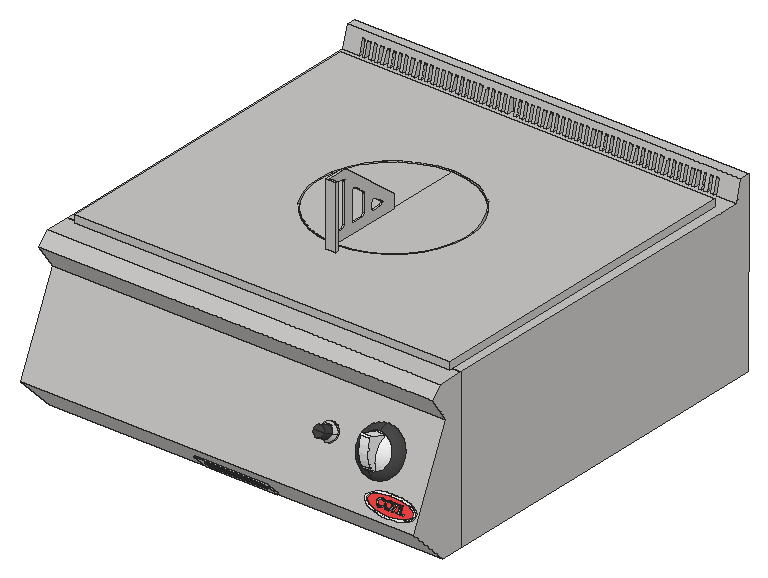
Revit family "QF_COZIL_FFCP-70N", category Equipamento especial, Revit 2020 (continued)
Nested families
  nested 3: "PE DE APOIO" at (655, -595, 0), type "PE DE APOIO"
    with Weight 0.00 kg, Watts 0 W, Waste Water Discharge Temperature -273.15 °C, Waste Remarks "", Warranty Start Date "", Warranty Duration "", Volts 0 V, Volt Free Conn yes, Ventilation Remarks "", URL Recommended Spares List "", URL Manufacturer "", URL Cutsheet "", URL Critical Spares List "", Technical Documentation "", Tag Number "", Steam type "", Steam Supply Volume 0.0 m³/h, Steam Supply Size 0 mm, Steam Supply RI Height 0.00 mm, Steam Supply Minimum Pressure 0.0 bar, Steam Supply Maximum Pressure 0.0 bar, Steam Supply Connection Height 0.00 mm, Steam Remarks "", Steam Pounds per Hour 0, Status "", Start Up Current 0 A, Specification by User "", Specification by Manufacturer "", Sound Level "", Solid Fuel Type "", Show Logo yes, Show Clearances yes, Service Life Duration "", Serial Number "", Sensible Heat Output 0 W, Seismic Rating "", SMACNA No "", Revision Code "", Revision "", Refrigeration Working Pressure 0.0 bar, Refrigeration Suction Line Size 0 mm, Refrigeration Liquid Line Size 0 mm, Refrigeration Evaporation Temperature -273.15 °C, Refrigeration Energy Efficiency Index "", Refrigeration Defrost Drain yes, Refrigeration Climate Class "", Refrigerant Type "", Refrigerant Mass 0, Refrigerant Flow 0.0 m³/h, Refrigerant Compressor Remote yes, Production Year "", Preheated Hot Water Temperature Recommended -273.15 °C, Preheated Hot Water Size 0 mm, Preheated Hot Water RI Height 0.00 mm, Preheated Hot Water Quality "", Preheated Hot Water Minimum Pressure 0.0 bar, Preheated Hot Water Maximum Pressure 0.0 bar, Preheated Hot Water Flow 0.0 m³/h, Preheated Hot Water Connection Height 0.00 mm, Potential Equalisation yes, Point Load 0, Plumbing Remarks "", Plumbing Connection Type "", Phase 0, Other Equipment Approvals "", Operational Current 0 A, Odor Trap Included yes, Number of Poles 1, No Load Power Draw yes, National Water Regulation Certification yes, NAFEM Spec ID Number "", Model Warning "", Min Ckt Ampacity 0 A, Mechanical Remarks "", Mechanical Connection Type "", Max Overcurrent Protection 0 A, Masterspec "", Main switch integrated yes, MU Air Volume 0.0 L/s, MU Air Vent Width 0.00 mm, MU Air Vent Diameter 0.00 mm, MU Air Vent Depth 0.00 mm, MU Air Static Press 0.0 Pa, MU Air Speed at Spigot 0.0 L/s, MU Air RI Height 0.00 mm, Length Actual 0.00 mm, Latent Heat Output 0 W, Item Number "", Installed By "", Installation Date "", Ingress Protection Code "", Indirect Waste Size 0 mm, Indirect Waste Flow 0.0 m³/h, Indirect Waste Connection Type "", Indirect Waste Connection Height 0.00 mm, Identify Quantity as Lot yes, ID "", Hygiene Approval "", Hot Water Temperature -273.15 °C, Hot Water Supply Temperature -273.15 °C, Hot Water Size 0 mm, Hot Water RI Height 0.00 mm, Hot Water Quality "", Hot Water Minimum Pressure 0.0 bar, Hot Water Maximum Pressure 0.0 bar, Hot Water Flow 0.0 m³/h, Hot Water Consumption "", Hot Water Connection Height 0.00 mm, Height Actual 0.00 mm, HP "", Gas Size Flexible 0 mm, Gas Size Fixed 0 mm, Gas Size 0 mm, Gas RI Height 0.00 mm, Gas Input 0 W, Gas Flow 0.0 m³/h, Gas Connection Height 0.00 mm, Furnished By "", Fuel Type "", Foodservice Equipment Identifier yes, Flue Type "", Filtered Treated Water Supply Size 0 mm, Filtered Treated Water Recommended Temperature -273.15 °C, Filtered Treated Water RI Height 0.00 mm, Filtered Treated Water Quality "", Filtered Treated Water Minimum Pressure 0.0 bar, Filtered Treated Water Maximum Pressure 0.0 bar, Filtered Treated Water Flow 0.0 m³/h, Filtered Treated Water Consumption "", Filtered Treated Water Connection Height 0.00 mm, FL Amps 0 A, Exhaust Volume 0.0 L/s, Exhaust Vent Width 0.00 mm, Exhaust Vent Height 0.00 mm, Exhaust Vent Diameter 0.00 mm, Exhaust Vent Depth 0.00 mm, Exhaust Static Press 0.0 Pa, Exhaust Speed at Spigot 0.0 L/s, Exhaust RI Height 0.00 mm, Exhaust Air Temperature -273.15 °C, Exhaust Air Humidity 0, Energy Efficiency Labelling "", Electrical Remarks "", Electric Connection Type "", Elec Conn RI Height 0.00 mm, Elec Conn Connection Height 0.00 mm, Earth Leakage Switch necessary yes, Earth Leakage Switch Type "", ETL Approved yes, Direct Waste Size 0 mm, Direct Waste RI Height 0.00 mm, Direct Waste Flow 0.0 m³/h, Direct Waste Connection Height 0.00 mm, Direct Heat Output 0 W, Digital Connectivity Description "", Depth Actual 0.00 mm, Cycle 0 Hz, Connection to energy optimisation system yes, Conn Plug "", Conn Conduit yes, Condensate Return Size 0 mm, Condensate Return RI Height 0.00 mm, Condensate Return Connection Height 0.00 mm, Compressed Air Volume 0.0 m³/h, Compressed Air Size 0 mm, Compressed Air RI Height 0.00 mm, Compressed Air Quality "", Compressed Air Pressure 0.0 bar, Compressed Air Connection Height 0.00 mm, Cold Water Temperature Recommended -273.15 °C, Cold Water Size 0 mm, Cold Water RI Height 0.00 mm, Cold Water Quality "", Cold Water Minimum Pressure 0.0 bar, Cold Water Maximum Pressure 0.0 bar, Cold Water Flow 0.0 m³/h, Cold Water Consumption "", Cold Water Connection Height 0.00 mm, Chilled Water Temperature -273.15 °C, Chilled Water Supply Size 0 mm, Chilled Water Supply RI Height 0.00 mm, Chilled Water Supply Quality "", Chilled Water Supply Maximum Temperature -273.15 °C, Chilled Water Supply Connection Height 0.00 mm, Chilled Water Return Size 0 mm, Chilled Water Return RI Height 0.00 mm, Chilled Water Return Minimum Pressure 0.0 bar, Chilled Water Return Maximum Pressure 0.0 bar, Chilled Water Return Connection Height 0.00 mm, Chilled Water Minimum Pressure 0.0 bar, Chilled Water Maximum Pressure 0.0 bar, Chilled Water Flow 0.0 m³/h, CSI MasterFormat "", CO2 Volume 0.0 m³/h, CO2 Size 0 mm, CO2 RI Height 0.00 mm, CO2 Pressure 0.0 bar, CO2 Connection Height 0.00 mm, CE Approved yes, Barcode "", BTUH 0 W, Author "", Asset Identifier "", Apparent Power 0 VA, Accessory yes, Ability for Digital Connectivity yes
  nested 4: "PE DE APOIO" at (45, -595, 0), type "PE DE APOIO"
    with Weight 0.00 kg, Watts 0 W, Waste Water Discharge Temperature -273.15 °C, Waste Remarks "", Warranty Start Date "", Warranty Duration "", Volts 0 V, Volt Free Conn yes, Ventilation Remarks "", URL Recommended Spares List "", URL Manufacturer "", URL Cutsheet "", URL Critical Spares List "", Technical Documentation "", Tag Number "", Steam type "", Steam Supply Volume 0.0 m³/h, Steam Supply Size 0 mm, Steam Supply RI Height 0.00 mm, Steam Supply Minimum Pressure 0.0 bar, Steam Supply Maximum Pressure 0.0 bar, Steam Supply Connection Height 0.00 mm, Steam Remarks "", Steam Pounds per Hour 0, Status "", Start Up Current 0 A, Specification by User "", Specification by Manufacturer "", Sound Level "", Solid Fuel Type "", Show Logo yes, Show Clearances yes, Service Life Duration "", Serial Number "", Sensible Heat Output 0 W, Seismic Rating "", SMACNA No "", Revision Code "", Revision "", Refrigeration Working Pressure 0.0 bar, Refrigeration Suction Line Size 0 mm, Refrigeration Liquid Line Size 0 mm, Refrigeration Evaporation Temperature -273.15 °C, Refrigeration Energy Efficiency Index "", Refrigeration Defrost Drain yes, Refrigeration Climate Class "", Refrigerant Type "", Refrigerant Mass 0, Refrigerant Flow 0.0 m³/h, Refrigerant Compressor Remote yes, Production Year "", Preheated Hot Water Temperature Recommended -273.15 °C, Preheated Hot Water Size 0 mm, Preheated Hot Water RI Height 0.00 mm, Preheated Hot Water Quality "", Preheated Hot Water Minimum Pressure 0.0 bar, Preheated Hot Water Maximum Pressure 0.0 bar, Preheated Hot Water Flow 0.0 m³/h, Preheated Hot Water Connection Height 0.00 mm, Potential Equalisation yes, Point Load 0, Plumbing Remarks "", Plumbing Connection Type "", Phase 0, Other Equipment Approvals "", Operational Current 0 A, Odor Trap Included yes, Number of Poles 1, No Load Power Draw yes, National Water Regulation Certification yes, NAFEM Spec ID Number "", Model Warning "", Min Ckt Ampacity 0 A, Mechanical Remarks "", Mechanical Connection Type "", Max Overcurrent Protection 0 A, Masterspec "", Main switch integrated yes, MU Air Volume 0.0 L/s, MU Air Vent Width 0.00 mm, MU Air Vent Diameter 0.00 mm, MU Air Vent Depth 0.00 mm, MU Air Static Press 0.0 Pa, MU Air Speed at Spigot 0.0 L/s, MU Air RI Height 0.00 mm, Length Actual 0.00 mm, Latent Heat Output 0 W, Item Number "", Installed By "", Installation Date "", Ingress Protection Code "", Indirect Waste Size 0 mm, Indirect Waste Flow 0.0 m³/h, Indirect Waste Connection Type "", Indirect Waste Connection Height 0.00 mm, Identify Quantity as Lot yes, ID "", Hygiene Approval "", Hot Water Temperature -273.15 °C, Hot Water Supply Temperature -273.15 °C, Hot Water Size 0 mm, Hot Water RI Height 0.00 mm, Hot Water Quality "", Hot Water Minimum Pressure 0.0 bar, Hot Water Maximum Pressure 0.0 bar, Hot Water Flow 0.0 m³/h, Hot Water Consumption "", Hot Water Connection Height 0.00 mm, Height Actual 0.00 mm, HP "", Gas Size Flexible 0 mm, Gas Size Fixed 0 mm, Gas Size 0 mm, Gas RI Height 0.00 mm, Gas Input 0 W, Gas Flow 0.0 m³/h, Gas Connection Height 0.00 mm, Furnished By "", Fuel Type "", Foodservice Equipment Identifier yes, Flue Type "", Filtered Treated Water Supply Size 0 mm, Filtered Treated Water Recommended Temperature -273.15 °C, Filtered Treated Water RI Height 0.00 mm, Filtered Treated Water Quality "", Filtered Treated Water Minimum Pressure 0.0 bar, Filtered Treated Water Maximum Pressure 0.0 bar, Filtered Treated Water Flow 0.0 m³/h, Filtered Treated Water Consumption "", Filtered Treated Water Connection Height 0.00 mm, FL Amps 0 A, Exhaust Volume 0.0 L/s, Exhaust Vent Width 0.00 mm, Exhaust Vent Height 0.00 mm, Exhaust Vent Diameter 0.00 mm, Exhaust Vent Depth 0.00 mm, Exhaust Static Press 0.0 Pa, Exhaust Speed at Spigot 0.0 L/s, Exhaust RI Height 0.00 mm, Exhaust Air Temperature -273.15 °C, Exhaust Air Humidity 0, Energy Efficiency Labelling "", Electrical Remarks "", Electric Connection Type "", Elec Conn RI Height 0.00 mm, Elec Conn Connection Height 0.00 mm, Earth Leakage Switch necessary yes, Earth Leakage Switch Type "", ETL Approved yes, Direct Waste Size 0 mm, Direct Waste RI Height 0.00 mm, Direct Waste Flow 0.0 m³/h, Direct Waste Connection Height 0.00 mm, Direct Heat Output 0 W, Digital Connectivity Description "", Depth Actual 0.00 mm, Cycle 0 Hz, Connection to energy optimisation system yes, Conn Plug "", Conn Conduit yes, Condensate Return Size 0 mm, Condensate Return RI Height 0.00 mm, Condensate Return Connection Height 0.00 mm, Compressed Air Volume 0.0 m³/h, Compressed Air Size 0 mm, Compressed Air RI Height 0.00 mm, Compressed Air Quality "", Compressed Air Pressure 0.0 bar, Compressed Air Connection Height 0.00 mm, Cold Water Temperature Recommended -273.15 °C, Cold Water Size 0 mm, Cold Water RI Height 0.00 mm, Cold Water Quality "", Cold Water Minimum Pressure 0.0 bar, Cold Water Maximum Pressure 0.0 bar, Cold Water Flow 0.0 m³/h, Cold Water Consumption "", Cold Water Connection Height 0.00 mm, Chilled Water Temperature -273.15 °C, Chilled Water Supply Size 0 mm, Chilled Water Supply RI Height 0.00 mm, Chilled Water Supply Quality "", Chilled Water Supply Maximum Temperature -273.15 °C, Chilled Water Supply Connection Height 0.00 mm, Chilled Water Return Size 0 mm, Chilled Water Return RI Height 0.00 mm, Chilled Water Return Minimum Pressure 0.0 bar, Chilled Water Return Maximum Pressure 0.0 bar, Chilled Water Return Connection Height 0.00 mm, Chilled Water Minimum Pressure 0.0 bar, Chilled Water Maximum Pressure 0.0 bar, Chilled Water Flow 0.0 m³/h, CSI MasterFormat "", CO2 Volume 0.0 m³/h, CO2 Size 0 mm, CO2 RI Height 0.00 mm, CO2 Pressure 0.0 bar, CO2 Connection Height 0.00 mm, CE Approved yes, Barcode "", BTUH 0 W, Author "", Asset Identifier "", Apparent Power 0 VA, Accessory yes, Ability for Digital Connectivity yes
  nested 5: "CHAPA FOGAO FRANCES" at (350, -351.564, 300), type "CHAPA FOGAO FRANCES"
    with Weight 0.00 kg, Watts 0 W, Waste Water Discharge Temperature -273.15 °C, Waste Remarks "", Warranty Start Date "", Warranty Duration "", Volts 0 V, Volt Free Conn yes, Ventilation Remarks "", URL Recommended Spares List "", URL Manufacturer "", URL Cutsheet "", URL Critical Spares List "", Technical Documentation "", Tag Number "", Steam type "", Steam Supply Volume 0.0 m³/h, Steam Supply Size 0 mm, Steam Supply RI Height 0.00 mm, Steam Supply Minimum Pressure 0.0 bar, Steam Supply Maximum Pressure 0.0 bar, Steam Supply Connection Height 0.00 mm, Steam Remarks "", Steam Pounds per Hour 0, Status "", Start Up Current 0 A, Specification by User "", Specification by Manufacturer "", Sound Level "", Solid Fuel Type "", Show Logo yes, Show Clearances yes, Service Life Duration "", Serial Number "", Sensible Heat Output 0 W, Seismic Rating "", SMACNA No "", Revision Code "", Revision "", Refrigeration Working Pressure 0.0 bar, Refrigeration Suction Line Size 0 mm, Refrigeration Liquid Line Size 0 mm, Refrigeration Evaporation Temperature -273.15 °C, Refrigeration Energy Efficiency Index "", Refrigeration Defrost Drain yes, Refrigeration Climate Class "", Refrigerant Type "", Refrigerant Mass 0, Refrigerant Flow 0.0 m³/h, Refrigerant Compressor Remote yes, Production Year "", Preheated Hot Water Temperature Recommended -273.15 °C, Preheated Hot Water Size 0 mm, Preheated Hot Water RI Height 0.00 mm, Preheated Hot Water Quality "", Preheated Hot Water Minimum Pressure 0.0 bar, Preheated Hot Water Maximum Pressure 0.0 bar, Preheated Hot Water Flow 0.0 m³/h, Preheated Hot Water Connection Height 0.00 mm, Potential Equalisation yes, Point Load 0, Plumbing Remarks "", Plumbing Connection Type "", Phase 0, Other Equipment Approvals "", Operational Current 0 A, Odor Trap Included yes, Number of Poles 1, No Load Power Draw yes, National Water Regulation Certification yes, NAFEM Spec ID Number "", Model Warning "", Min Ckt Ampacity 0 A, Mechanical Remarks "", Mechanical Connection Type "", Max Overcurrent Protection 0 A, Masterspec "", Main switch integrated yes, MU Air Volume 0.0 L/s, MU Air Vent Width 0.00 mm, MU Air Vent Diameter 0.00 mm, MU Air Vent Depth 0.00 mm, MU Air Static Press 0.0 Pa, MU Air Speed at Spigot 0.0 L/s, MU Air RI Height 0.00 mm, Length Actual 0.00 mm, Latent Heat Output 0 W, Item Number "", Installed By "", Installation Date "", Ingress Protection Code "", Indirect Waste Size 0 mm, Indirect Waste Flow 0.0 m³/h, Indirect Waste Connection Type "", Indirect Waste Connection Height 0.00 mm, Identify Quantity as Lot yes, ID "", Hygiene Approval "", Hot Water Temperature -273.15 °C, Hot Water Supply Temperature -273.15 °C, Hot Water Size 0 mm, Hot Water RI Height 0.00 mm, Hot Water Quality "", Hot Water Minimum Pressure 0.0 bar, Hot Water Maximum Pressure 0.0 bar, Hot Water Flow 0.0 m³/h, Hot Water Consumption "", Hot Water Connection Height 0.00 mm, Height Actual 0.00 mm, HP "", Gas Size Flexible 0 mm, Gas Size Fixed 0 mm, Gas Size 0 mm, Gas RI Height 0.00 mm, Gas Input 0 W, Gas Flow 0.0 m³/h, Gas Connection Height 0.00 mm, Furnished By "", Fuel Type "", Foodservice Equipment Identifier yes, Flue Type "", Filtered Treated Water Supply Size 0 mm, Filtered Treated Water Recommended Temperature -273.15 °C, Filtered Treated Water RI Height 0.00 mm, Filtered Treated Water Quality "", Filtered Treated Water Minimum Pressure 0.0 bar, Filtered Treated Water Maximum Pressure 0.0 bar, Filtered Treated Water Flow 0.0 m³/h, Filtered Treated Water Consumption "", Filtered Treated Water Connection Height 0.00 mm, FL Amps 0 A, Exhaust Volume 0.0 L/s, Exhaust Vent Width 0.00 mm, Exhaust Vent Height 0.00 mm, Exhaust Vent Diameter 0.00 mm, Exhaust Vent Depth 0.00 mm, Exhaust Static Press 0.0 Pa, Exhaust Speed at Spigot 0.0 L/s, Exhaust RI Height 0.00 mm, Exhaust Air Temperature -273.15 °C, Exhaust Air Humidity 0, Energy Efficiency Labelling "", Electrical Remarks "", Electric Connection Type "", Elec Conn RI Height 0.00 mm, Elec Conn Connection Height 0.00 mm, Earth Leakage Switch necessary yes, Earth Leakage Switch Type "", ETL Approved yes, Direct Waste Size 0 mm, Direct Waste RI Height 0.00 mm, Direct Waste Flow 0.0 m³/h, Direct Waste Connection Height 0.00 mm, Direct Heat Output 0 W, Digital Connectivity Description "", Depth Actual 0.00 mm, Cycle 0 Hz, Connection to energy optimisation system yes, Conn Plug "", Conn Conduit yes, Condensate Return Size 0 mm, Condensate Return RI Height 0.00 mm, Condensate Return Connection Height 0.00 mm, Compressed Air Volume 0.0 m³/h, Compressed Air Size 0 mm, Compressed Air RI Height 0.00 mm, Compressed Air Quality "", Compressed Air Pressure 0.0 bar, Compressed Air Connection Height 0.00 mm, Cold Water Temperature Recommended -273.15 °C, Cold Water Size 0 mm, Cold Water RI Height 0.00 mm, Cold Water Quality "", Cold Water Minimum Pressure 0.0 bar, Cold Water Maximum Pressure 0.0 bar, Cold Water Flow 0.0 m³/h, Cold Water Consumption "", Cold Water Connection Height 0.00 mm, Chilled Water Temperature -273.15 °C, Chilled Water Supply Size 0 mm, Chilled Water Supply RI Height 0.00 mm, Chilled Water Supply Quality "", Chilled Water Supply Maximum Temperature -273.15 °C, Chilled Water Supply Connection Height 0.00 mm, Chilled Water Return Size 0 mm, Chilled Water Return RI Height 0.00 mm, Chilled Water Return Minimum Pressure 0.0 bar, Chilled Water Return Maximum Pressure 0.0 bar, Chilled Water Return Connection Height 0.00 mm, Chilled Water Minimum Pressure 0.0 bar, Chilled Water Maximum Pressure 0.0 bar, Chilled Water Flow 0.0 m³/h, CSI MasterFormat "", CO2 Volume 0.0 m³/h, CO2 Size 0 mm, CO2 RI Height 0.00 mm, CO2 Pressure 0.0 bar, CO2 Connection Height 0.00 mm, CE Approved yes, Barcode "", BTUH 0 W, Author "", Asset Identifier "", Apparent Power 0 VA, Accessory yes, Ability for Digital Connectivity yes
  nested 6: "Botão Fogão" at (609.376, -703.248, 170.249) x (0, -0.4226, -0.9063) z (0, -0.9063, 0.4226), type "Botão Fogão"
    with Weight 0.00 kg, Watts 0 W, Waste Water Discharge Temperature -273.15 °C, Waste Remarks "", Warranty Start Date "", Warranty Duration "", Volts 0 V, Volt Free Conn yes, Ventilation Remarks "", URL Recommended Spares List "", URL Manufacturer "", URL Cutsheet "", URL Critical Spares List "", Technical Documentation "", Tag Number "", Steam type "", Steam Supply Volume 0.0 m³/h, Steam Supply Size 0 mm, Steam Supply RI Height 0.00 mm, Steam Supply Minimum Pressure 0.0 bar, Steam Supply Maximum Pressure 0.0 bar, Steam Supply Connection Height 0.00 mm, Steam Remarks "", Steam Pounds per Hour 0, Status "", Start Up Current 0 A, Specification by User "", Specification by Manufacturer "", Sound Level "", Solid Fuel Type "", Show Logo yes, Show Clearances yes, Service Life Duration "", Serial Number "", Sensible Heat Output 0 W, Seismic Rating "", SMACNA No "", Revision Code "", Revision "", Refrigeration Working Pressure 0.0 bar, Refrigeration Suction Line Size 0 mm, Refrigeration Liquid Line Size 0 mm, Refrigeration Evaporation Temperature -273.15 °C, Refrigeration Energy Efficiency Index "", Refrigeration Defrost Drain yes, Refrigeration Climate Class "", Refrigerant Type "", Refrigerant Mass 0, Refrigerant Flow 0.0 m³/h, Refrigerant Compressor Remote yes, Production Year "", Preheated Hot Water Temperature Recommended -273.15 °C, Preheated Hot Water Size 0 mm, Preheated Hot Water RI Height 0.00 mm, Preheated Hot Water Quality "", Preheated Hot Water Minimum Pressure 0.0 bar, Preheated Hot Water Maximum Pressure 0.0 bar, Preheated Hot Water Flow 0.0 m³/h, Preheated Hot Water Connection Height 0.00 mm, Potential Equalisation yes, Point Load 0, Plumbing Remarks "", Plumbing Connection Type "", Phase 0, Other Equipment Approvals "", Operational Current 0 A, Odor Trap Included yes, Number of Poles 1, No Load Power Draw yes, National Water Regulation Certification yes, NAFEM Spec ID Number "", Model Warning "", Min Ckt Ampacity 0 A, Mechanical Remarks "", Mechanical Connection Type "", Max Overcurrent Protection 0 A, Masterspec "", Main switch integrated yes, MU Air Volume 0.0 L/s, MU Air Vent Width 0.00 mm, MU Air Vent Diameter 0.00 mm, MU Air Vent Depth 0.00 mm, MU Air Static Press 0.0 Pa, MU Air Speed at Spigot 0.0 L/s, MU Air RI Height 0.00 mm, Length Actual 0.00 mm, Latent Heat Output 0 W, Item Number "", Installed By "", Installation Date "", Ingress Protection Code "", Indirect Waste Size 0 mm, Indirect Waste Flow 0.0 m³/h, Indirect Waste Connection Type "", Indirect Waste Connection Height 0.00 mm, Identify Quantity as Lot yes, ID "", Hygiene Approval "", Hot Water Temperature -273.15 °C, Hot Water Supply Temperature -273.15 °C, Hot Water Size 0 mm, Hot Water RI Height 0.00 mm, Hot Water Quality "", Hot Water Minimum Pressure 0.0 bar, Hot Water Maximum Pressure 0.0 bar, Hot Water Flow 0.0 m³/h, Hot Water Consumption "", Hot Water Connection Height 0.00 mm, Height Actual 0.00 mm, HP "", Gas Size Flexible 0 mm, Gas Size Fixed 0 mm, Gas Size 0 mm, Gas RI Height 0.00 mm, Gas Input 0 W, Gas Flow 0.0 m³/h, Gas Connection Height 0.00 mm, Furnished By "", Fuel Type "", Foodservice Equipment Identifier yes, Flue Type "", Filtered Treated Water Supply Size 0 mm, Filtered Treated Water Recommended Temperature -273.15 °C, Filtered Treated Water RI Height 0.00 mm, Filtered Treated Water Quality "", Filtered Treated Water Minimum Pressure 0.0 bar, Filtered Treated Water Maximum Pressure 0.0 bar, Filtered Treated Water Flow 0.0 m³/h, Filtered Treated Water Consumption "", Filtered Treated Water Connection Height 0.00 mm, FL Amps 0 A, Exhaust Volume 0.0 L/s, Exhaust Vent Width 0.00 mm, Exhaust Vent Height 0.00 mm, Exhaust Vent Diameter 0.00 mm, Exhaust Vent Depth 0.00 mm, Exhaust Static Press 0.0 Pa, Exhaust Speed at Spigot 0.0 L/s, Exhaust RI Height 0.00 mm, Exhaust Air Temperature -273.15 °C, Exhaust Air Humidity 0, Energy Efficiency Labelling "", Electrical Remarks "", Electric Connection Type "", Elec Conn RI Height 0.00 mm, Elec Conn Connection Height 0.00 mm, Earth Leakage Switch necessary yes, Earth Leakage Switch Type "", ETL Approved yes, Direct Waste Size 0 mm, Direct Waste RI Height 0.00 mm, Direct Waste Flow 0.0 m³/h, Direct Waste Connection Height 0.00 mm, Direct Heat Output 0 W, Digital Connectivity Description "", Depth Actual 0.00 mm, Cycle 0 Hz, Connection to energy optimisation system yes, Conn Plug "", Conn Conduit yes, Condensate Return Size 0 mm, Condensate Return RI Height 0.00 mm, Condensate Return Connection Height 0.00 mm, Compressed Air Volume 0.0 m³/h, Compressed Air Size 0 mm, Compressed Air RI Height 0.00 mm, Compressed Air Quality "", Compressed Air Pressure 0.0 bar, Compressed Air Connection Height 0.00 mm, Cold Water Temperature Recommended -273.15 °C, Cold Water Size 0 mm, Cold Water RI Height 0.00 mm, Cold Water Quality "", Cold Water Minimum Pressure 0.0 bar, Cold Water Maximum Pressure 0.0 bar, Cold Water Flow 0.0 m³/h, Cold Water Consumption "", Cold Water Connection Height 0.00 mm, Chilled Water Temperature -273.15 °C, Chilled Water Supply Size 0 mm, Chilled Water Supply RI Height 0.00 mm, Chilled Water Supply Quality "", Chilled Water Supply Maximum Temperature -273.15 °C, Chilled Water Supply Connection Height 0.00 mm, Chilled Water Return Size 0 mm, Chilled Water Return RI Height 0.00 mm, Chilled Water Return Minimum Pressure 0.0 bar, Chilled Water Return Maximum Pressure 0.0 bar, Chilled Water Return Connection Height 0.00 mm, Chilled Water Minimum Pressure 0.0 bar, Chilled Water Maximum Pressure 0.0 bar, Chilled Water Flow 0.0 m³/h, CSI MasterFormat "", CO2 Volume 0.0 m³/h, CO2 Size 0 mm, CO2 RI Height 0.00 mm, CO2 Pressure 0.0 bar, CO2 Connection Height 0.00 mm, CE Approved yes, Barcode "", BTUH 0 W, Author "", Asset Identifier "", Apparent Power 0 VA, Accessory yes, Ability for Digital Connectivity yes
  nested 7: "Botão" at (519.376, -703.248, 170.249) x (1, 0, 0) z (0, -0.9063, 0.4226), type "Botão"
    with Weight 0.00 kg, Watts 0 W, Waste Water Discharge Temperature -273.15 °C, Waste Remarks "", Warranty Start Date "", Warranty Duration "", Volts 0 V, Volt Free Conn yes, Ventilation Remarks "", URL Recommended Spares List "", URL Manufacturer "", URL Cutsheet "", URL Critical Spares List "", Technical Documentation "", Tag Number "", Steam type "", Steam Supply Volume 0.0 m³/h, Steam Supply Size 0 mm, Steam Supply RI Height 0.00 mm, Steam Supply Minimum Pressure 0.0 bar, Steam Supply Maximum Pressure 0.0 bar, Steam Supply Connection Height 0.00 mm, Steam Remarks "", Steam Pounds per Hour 0, Status "", Start Up Current 0 A, Specification by User "", Specification by Manufacturer "", Sound Level "", Solid Fuel Type "", Show Logo yes, Show Clearances yes, Service Life Duration "", Serial Number "", Sensible Heat Output 0 W, Seismic Rating "", SMACNA No "", Revision Code "", Revision "", Refrigeration Working Pressure 0.0 bar, Refrigeration Suction Line Size 0 mm, Refrigeration Liquid Line Size 0 mm, Refrigeration Evaporation Temperature -273.15 °C, Refrigeration Energy Efficiency Index "", Refrigeration Defrost Drain yes, Refrigeration Climate Class "", Refrigerant Type "", Refrigerant Mass 0, Refrigerant Flow 0.0 m³/h, Refrigerant Compressor Remote yes, Production Year "", Preheated Hot Water Temperature Recommended -273.15 °C, Preheated Hot Water Size 0 mm, Preheated Hot Water RI Height 0.00 mm, Preheated Hot Water Quality "", Preheated Hot Water Minimum Pressure 0.0 bar, Preheated Hot Water Maximum Pressure 0.0 bar, Preheated Hot Water Flow 0.0 m³/h, Preheated Hot Water Connection Height 0.00 mm, Potential Equalisation yes, Point Load 0, Plumbing Remarks "", Plumbing Connection Type "", Phase 0, Other Equipment Approvals "", Operational Current 0 A, Odor Trap Included yes, Number of Poles 1, No Load Power Draw yes, National Water Regulation Certification yes, NAFEM Spec ID Number "", Model Warning "", Min Ckt Ampacity 0 A, Mechanical Remarks "", Mechanical Connection Type "", Max Overcurrent Protection 0 A, Masterspec "", Main switch integrated yes, MU Air Volume 0.0 L/s, MU Air Vent Width 0.00 mm, MU Air Vent Diameter 0.00 mm, MU Air Vent Depth 0.00 mm, MU Air Static Press 0.0 Pa, MU Air Speed at Spigot 0.0 L/s, MU Air RI Height 0.00 mm, Length Actual 0.00 mm, Latent Heat Output 0 W, Item Number "", Installed By "", Installation Date "", Ingress Protection Code "", Indirect Waste Size 0 mm, Indirect Waste Flow 0.0 m³/h, Indirect Waste Connection Type "", Indirect Waste Connection Height 0.00 mm, Identify Quantity as Lot yes, ID "", Hygiene Approval "", Hot Water Temperature -273.15 °C, Hot Water Supply Temperature -273.15 °C, Hot Water Size 0 mm, Hot Water RI Height 0.00 mm, Hot Water Quality "", Hot Water Minimum Pressure 0.0 bar, Hot Water Maximum Pressure 0.0 bar, Hot Water Flow 0.0 m³/h, Hot Water Consumption "", Hot Water Connection Height 0.00 mm, Height Actual 0.00 mm, HP "", Gas Size Flexible 0 mm, Gas Size Fixed 0 mm, Gas Size 0 mm, Gas RI Height 0.00 mm, Gas Input 0 W, Gas Flow 0.0 m³/h, Gas Connection Height 0.00 mm, Furnished By "", Fuel Type "", Foodservice Equipment Identifier yes, Flue Type "", Filtered Treated Water Supply Size 0 mm, Filtered Treated Water Recommended Temperature -273.15 °C, Filtered Treated Water RI Height 0.00 mm, Filtered Treated Water Quality "", Filtered Treated Water Minimum Pressure 0.0 bar, Filtered Treated Water Maximum Pressure 0.0 bar, Filtered Treated Water Flow 0.0 m³/h, Filtered Treated Water Consumption "", Filtered Treated Water Connection Height 0.00 mm, FL Amps 0 A, Exhaust Volume 0.0 L/s, Exhaust Vent Width 0.00 mm, Exhaust Vent Height 0.00 mm, Exhaust Vent Diameter 0.00 mm, Exhaust Vent Depth 0.00 mm, Exhaust Static Press 0.0 Pa, Exhaust Speed at Spigot 0.0 L/s, Exhaust RI Height 0.00 mm, Exhaust Air Temperature -273.15 °C, Exhaust Air Humidity 0, Energy Efficiency Labelling "", Electrical Remarks "", Electric Connection Type "", Elec Conn RI Height 0.00 mm, Elec Conn Connection Height 0.00 mm, Earth Leakage Switch necessary yes, Earth Leakage Switch Type "", ETL Approved yes, Direct Waste Size 0 mm, Direct Waste RI Height 0.00 mm, Direct Waste Flow 0.0 m³/h, Direct Waste Connection Height 0.00 mm, Direct Heat Output 0 W, Digital Connectivity Description "", Depth Actual 0.00 mm, Cycle 0 Hz, Connection to energy optimisation system yes, Conn Plug "", Conn Conduit yes, Condensate Return Size 0 mm, Condensate Return RI Height 0.00 mm, Condensate Return Connection Height 0.00 mm, Compressed Air Volume 0.0 m³/h, Compressed Air Size 0 mm, Compressed Air RI Height 0.00 mm, Compressed Air Quality "", Compressed Air Pressure 0.0 bar, Compressed Air Connection Height 0.00 mm, Cold Water Temperature Recommended -273.15 °C, Cold Water Size 0 mm, Cold Water RI Height 0.00 mm, Cold Water Quality "", Cold Water Minimum Pressure 0.0 bar, Cold Water Maximum Pressure 0.0 bar, Cold Water Flow 0.0 m³/h, Cold Water Consumption "", Cold Water Connection Height 0.00 mm, Chilled Water Temperature -273.15 °C, Chilled Water Supply Size 0 mm, Chilled Water Supply RI Height 0.00 mm, Chilled Water Supply Quality "", Chilled Water Supply Maximum Temperature -273.15 °C, Chilled Water Supply Connection Height 0.00 mm, Chilled Water Return Size 0 mm, Chilled Water Return RI Height 0.00 mm, Chilled Water Return Minimum Pressure 0.0 bar, Chilled Water Return Maximum Pressure 0.0 bar, Chilled Water Return Connection Height 0.00 mm, Chilled Water Minimum Pressure 0.0 bar, Chilled Water Maximum Pressure 0.0 bar, Chilled Water Flow 0.0 m³/h, CSI MasterFormat "", CO2 Volume 0.0 m³/h, CO2 Size 0 mm, CO2 RI Height 0.00 mm, CO2 Pressure 0.0 bar, CO2 Connection Height 0.00 mm, CE Approved yes, Barcode "", BTUH 0 W, Author "", Asset Identifier "", Apparent Power 0 VA, Accessory yes, Ability for Digital Connectivity yes
  nested 8: "LOGOTIPO COZIL" at (650, -731.672, 109.293) x (1, 0, 0) z (0, 0.4226, 0.9063), visible <- "Show Logo", type "LOGOTIPO COZIL"
    with Weight 0.00 kg, Watts 0 W, Waste Water Discharge Temperature -273.15 °C, Waste Remarks "", Warranty Start Date "", Warranty Duration "", Volts 0 V, Volt Free Conn yes, Ventilation Remarks "", URL Recommended Spares List "", URL Manufacturer "", URL Cutsheet "", URL Critical Spares List "", Technical Documentation "", Tag Number "", Steam type "", Steam Supply Volume 0.0 m³/h, Steam Supply Size 0 mm, Steam Supply RI Height 0.00 mm, Steam Supply Minimum Pressure 0.0 bar, Steam Supply Maximum Pressure 0.0 bar, Steam Supply Connection Height 0.00 mm, Steam Remarks "", Steam Pounds per Hour 0, Status "", Start Up Current 0 A, Specification by User "", Specification by Manufacturer "", Sound Level "", Solid Fuel Type "", Show Logo yes, Show Clearances yes, Service Life Duration "", Serial Number "", Sensible Heat Output 0 W, Seismic Rating "", SMACNA No "", Revision Code "", Revision "", Refrigeration Working Pressure 0.0 bar, Refrigeration Suction Line Size 0 mm, Refrigeration Liquid Line Size 0 mm, Refrigeration Evaporation Temperature -273.15 °C, Refrigeration Energy Efficiency Index "", Refrigeration Defrost Drain yes, Refrigeration Climate Class "", Refrigerant Type "", Refrigerant Mass 0, Refrigerant Flow 0.0 m³/h, Refrigerant Compressor Remote yes, Production Year "", Preheated Hot Water Temperature Recommended -273.15 °C, Preheated Hot Water Size 0 mm, Preheated Hot Water RI Height 0.00 mm, Preheated Hot Water Quality "", Preheated Hot Water Minimum Pressure 0.0 bar, Preheated Hot Water Maximum Pressure 0.0 bar, Preheated Hot Water Flow 0.0 m³/h, Preheated Hot Water Connection Height 0.00 mm, Potential Equalisation yes, Point Load 0, Plumbing Remarks "", Plumbing Connection Type "", Phase 0, Other Equipment Approvals "", Operational Current 0 A, Odor Trap Included yes, Number of Poles 1, No Load Power Draw yes, National Water Regulation Certification yes, NAFEM Spec ID Number "", Model Warning "", Min Ckt Ampacity 0 A, Mechanical Remarks "", Mechanical Connection Type "", Max Overcurrent Protection 0 A, Masterspec "", Main switch integrated yes, MU Air Volume 0.0 L/s, MU Air Vent Width 0.00 mm, MU Air Vent Diameter 0.00 mm, MU Air Vent Depth 0.00 mm, MU Air Static Press 0.0 Pa, MU Air Speed at Spigot 0.0 L/s, MU Air RI Height 0.00 mm, Length Actual 0.00 mm, Latent Heat Output 0 W, Item Number "", Installed By "", Installation Date "", Ingress Protection Code "", Indirect Waste Size 0 mm, Indirect Waste Flow 0.0 m³/h, Indirect Waste Connection Type "", Indirect Waste Connection Height 0.00 mm, Identify Quantity as Lot yes, ID "", Hygiene Approval "", Hot Water Temperature -273.15 °C, Hot Water Supply Temperature -273.15 °C, Hot Water Size 0 mm, Hot Water RI Height 0.00 mm, Hot Water Quality "", Hot Water Minimum Pressure 0.0 bar, Hot Water Maximum Pressure 0.0 bar, Hot Water Flow 0.0 m³/h, Hot Water Consumption "", Hot Water Connection Height 0.00 mm, Height Actual 0.00 mm, HP "", Gas Size Flexible 0 mm, Gas Size Fixed 0 mm, Gas Size 0 mm, Gas RI Height 0.00 mm, Gas Input 0 W, Gas Flow 0.0 m³/h, Gas Connection Height 0.00 mm, Furnished By "", Fuel Type "", Foodservice Equipment Identifier yes, Flue Type "", Filtered Treated Water Supply Size 0 mm, Filtered Treated Water Recommended Temperature -273.15 °C, Filtered Treated Water RI Height 0.00 mm, Filtered Treated Water Quality "", Filtered Treated Water Minimum Pressure 0.0 bar, Filtered Treated Water Maximum Pressure 0.0 bar, Filtered Treated Water Flow 0.0 m³/h, Filtered Treated Water Consumption "", Filtered Treated Water Connection Height 0.00 mm, FL Amps 0 A, Exhaust Volume 0.0 L/s, Exhaust Vent Width 0.00 mm, Exhaust Vent Height 0.00 mm, Exhaust Vent Diameter 0.00 mm, Exhaust Vent Depth 0.00 mm, Exhaust Static Press 0.0 Pa, Exhaust Speed at Spigot 0.0 L/s, Exhaust RI Height 0.00 mm, Exhaust Air Temperature -273.15 °C, Exhaust Air Humidity 0, Energy Efficiency Labelling "", Electrical Remarks "", Electric Connection Type "", Elec Conn RI Height 0.00 mm, Elec Conn Connection Height 0.00 mm, Earth Leakage Switch necessary yes, Earth Leakage Switch Type "", ETL Approved yes, Direct Waste Size 0 mm, Direct Waste RI Height 0.00 mm, Direct Waste Flow 0.0 m³/h, Direct Waste Connection Height 0.00 mm, Direct Heat Output 0 W, Digital Connectivity Description "", Depth Actual 0.00 mm, Cycle 0 Hz, Connection to energy optimisation system yes, Conn Plug "", Conn Conduit yes, Condensate Return Size 0 mm, Condensate Return RI Height 0.00 mm, Condensate Return Connection Height 0.00 mm, Compressed Air Volume 0.0 m³/h, Compressed Air Size 0 mm, Compressed Air RI Height 0.00 mm, Compressed Air Quality "", Compressed Air Pressure 0.0 bar, Compressed Air Connection Height 0.00 mm, Cold Water Temperature Recommended -273.15 °C, Cold Water Size 0 mm, Cold Water RI Height 0.00 mm, Cold Water Quality "", Cold Water Minimum Pressure 0.0 bar, Cold Water Maximum Pressure 0.0 bar, Cold Water Flow 0.0 m³/h, Cold Water Consumption "", Cold Water Connection Height 0.00 mm, Chilled Water Temperature -273.15 °C, Chilled Water Supply Size 0 mm, Chilled Water Supply RI Height 0.00 mm, Chilled Water Supply Quality "", Chilled Water Supply Maximum Temperature -273.15 °C, Chilled Water Supply Connection Height 0.00 mm, Chilled Water Return Size 0 mm, Chilled Water Return RI Height 0.00 mm, Chilled Water Return Minimum Pressure 0.0 bar, Chilled Water Return Maximum Pressure 0.0 bar, Chilled Water Return Connection Height 0.00 mm, Chilled Water Minimum Pressure 0.0 bar, Chilled Water Maximum Pressure 0.0 bar, Chilled Water Flow 0.0 m³/h, CSI MasterFormat "", CO2 Volume 0.0 m³/h, CO2 Size 0 mm, CO2 RI Height 0.00 mm, CO2 Pressure 0.0 bar, CO2 Connection Height 0.00 mm, CE Approved yes, Barcode "", BTUH 0 W, Author "", Asset Identifier "", Apparent Power 0 VA, Accessory yes, Ability for Digital Connectivity yes
Connectors
  piping at (645, 6.35, 52), diameter 12.7, driven by "Gas Consumption GN"
    settings: on Extrusion 5, index 1, connector inside diameter 609.6 mm, connector length 0.00 mm, flow factor 0, pipe flow 0.435 m³/h, pressure drop 0.0 bar, fitting loss kfactor 0, connector angle 0.00°, fixture units 0, engagement length 0.00 mm, angle of deflection 0.00°, flow configuration 0, flow direction 1, fitting loss method 0, system type 22, joint type 0, gender type 0, connector reference index -1, connector utility 0, adjustable connector no, is connector primary yes, connector description ""
Definition of nested family "PE DE APOIO"
  Parameters (values of type "PE DE APOIO")
    Weight [instance] = 0.00 kg
    Watts [instance] = 0 W
    Waste Water Discharge Temperature [instance] = -273.15 °C
    Waste Remarks [instance] = ""
    Warranty Start Date [instance] = ""
    Warranty Duration [instance] = ""
    Volts [instance] = 0 V
    Volt Free Conn [instance] = yes
    Ventilation Remarks [instance] = ""
    URL Recommended Spares List [instance] = ""
    URL Manufacturer [instance] = ""
    URL Cutsheet [instance] = ""
    URL Critical Spares List [instance] = ""
    Default Elevation = 0.00 mm
    Type Comments = "USA_IFSE_SharedParameters_Dummy_V07_21"
    Technical Documentation [instance] = ""
    Tag Number [instance] = ""
    Steam type [instance] = ""
    Steam Supply Volume [instance] = 0.0 m³/h
    Steam Supply Size [instance] = 0 mm
    Steam Supply RI Height [instance] = 0.00 mm
    Steam Supply Minimum Pressure [instance] = 0.0 bar
    Steam Supply Maximum Pressure [instance] = 0.0 bar
    Steam Supply Connection Height [instance] = 0.00 mm
    Steam Remarks [instance] = ""
    Steam Pounds per Hour [instance] = 0
    Status [instance] = ""
    Start Up Current [instance] = 0 A
    Specification by User [instance] = ""
    Specification by Manufacturer [instance] = ""
    Sound Level [instance] = ""
    Solid Fuel Type [instance] = ""
    Show Logo [instance] = yes
    Show Clearances [instance] = yes
    Service Life Duration [instance] = ""
    Serial Number [instance] = ""
    Sensible Heat Output [instance] = 0 W
    Seismic Rating [instance] = ""
    SMACNA No [instance] = ""
    Revision Code [instance] = ""
    Revision [instance] = ""
    Refrigeration Working Pressure [instance] = 0.0 bar
    Refrigeration Suction Line Size [instance] = 0 mm
    Refrigeration Liquid Line Size [instance] = 0 mm
    Refrigeration Evaporation Temperature [instance] = -273.15 °C
    Refrigeration Energy Efficiency Index [instance] = ""
    Refrigeration Defrost Drain [instance] = yes
    Refrigeration Climate Class [instance] = ""
    Refrigerant Type [instance] = ""
    Refrigerant Mass [instance] = 0
    Refrigerant Flow [instance] = 0.0 m³/h
    Refrigerant Compressor Remote [instance] = yes
    Production Year [instance] = ""
    Preheated Hot Water Temperature Recommended [instance] = -273.15 °C
    Preheated Hot Water Size [instance] = 0 mm
    Preheated Hot Water RI Height [instance] = 0.00 mm
    Preheated Hot Water Quality [instance] = ""
    Preheated Hot Water Minimum Pressure [instance] = 0.0 bar
    Preheated Hot Water Maximum Pressure [instance] = 0.0 bar
    Preheated Hot Water Flow [instance] = 0.0 m³/h
    Preheated Hot Water Connection Height [instance] = 0.00 mm
    Potential Equalisation [instance] = yes
    Point Load [instance] = 0
    Plumbing Remarks [instance] = ""
    Plumbing Connection Type [instance] = ""
    Phase [instance] = 0
    Other Equipment Approvals [instance] = ""
    Operational Current [instance] = 0 A
    Odor Trap Included [instance] = yes
    Number of Poles [instance] = 1
    No Load Power Draw [instance] = yes
    National Water Regulation Certification [instance] = yes
    NAFEM Spec ID Number [instance] = ""
    Model Warning [instance] = ""
    Min Ckt Ampacity [instance] = 0 A
    Mechanical Remarks [instance] = ""
    Mechanical Connection Type [instance] = ""
    Max Overcurrent Protection [instance] = 0 A
    Masterspec [instance] = ""
    Main switch integrated [instance] = yes
    MU Air Volume [instance] = 0.0 L/s
    MU Air Vent Width [instance] = 0.00 mm
    MU Air Vent Diameter [instance] = 0.00 mm
    MU Air Vent Depth [instance] = 0.00 mm
    MU Air Static Press [instance] = 0.0 Pa
    MU Air Speed at Spigot [instance] = 0.0 L/s
    MU Air RI Height [instance] = 0.00 mm
    Length Actual [instance] = 0.00 mm
    Latent Heat Output [instance] = 0 W
    Item Number [instance] = ""
    Installed By [instance] = ""
    Installation Date [instance] = ""
    Ingress Protection Code [instance] = ""
    Indirect Waste Size [instance] = 0 mm
    Indirect Waste Flow [instance] = 0.0 m³/h
    Indirect Waste Connection Type [instance] = ""
    Indirect Waste Connection Height [instance] = 0.00 mm
    Identify Quantity as Lot [instance] = yes
    ID [instance] = ""
    Hygiene Approval [instance] = ""
    Hot Water Temperature [instance] = -273.15 °C
    Hot Water Supply Temperature [instance] = -273.15 °C
    Hot Water Size [instance] = 0 mm
    Hot Water RI Height [instance] = 0.00 mm
    Hot Water Quality [instance] = ""
    Hot Water Minimum Pressure [instance] = 0.0 bar
    Hot Water Maximum Pressure [instance] = 0.0 bar
    Hot Water Flow [instance] = 0.0 m³/h
    Hot Water Consumption [instance] = ""
    Hot Water Connection Height [instance] = 0.00 mm
    Height Actual [instance] = 0.00 mm
    HP [instance] = ""
    Gas Size Flexible [instance] = 0 mm
    Gas Size Fixed [instance] = 0 mm
    Gas Size [instance] = 0 mm
    Gas RI Height [instance] = 0.00 mm
    Gas Input [instance] = 0 W
    Gas Flow [instance] = 0.0 m³/h
    Gas Connection Height [instance] = 0.00 mm
    Furnished By [instance] = ""
    Fuel Type [instance] = ""
    Foodservice Equipment Identifier [instance] = yes
    Flue Type [instance] = ""
    Filtered Treated Water Supply Size [instance] = 0 mm
    Filtered Treated Water Recommended Temperature [instance] = -273.15 °C
    Filtered Treated Water RI Height [instance] = 0.00 mm
    Filtered Treated Water Quality [instance] = ""
    Filtered Treated Water Minimum Pressure [instance] = 0.0 bar
    Filtered Treated Water Maximum Pressure [instance] = 0.0 bar
    Filtered Treated Water Flow [instance] = 0.0 m³/h
    Filtered Treated Water Consumption [instance] = ""
    Filtered Treated Water Connection Height [instance] = 0.00 mm
    FL Amps [instance] = 0 A
    Exhaust Volume [instance] = 0.0 L/s
    Exhaust Vent Width [instance] = 0.00 mm
    Exhaust Vent Height [instance] = 0.00 mm
    Exhaust Vent Diameter [instance] = 0.00 mm
    Exhaust Vent Depth [instance] = 0.00 mm
    Exhaust Static Press [instance] = 0.0 Pa
    Exhaust Speed at Spigot [instance] = 0.0 L/s
    Exhaust RI Height [instance] = 0.00 mm
    Exhaust Air Temperature [instance] = -273.15 °C
    Exhaust Air Humidity [instance] = 0
    Energy Efficiency Labelling [instance] = ""
    Electrical Remarks [instance] = ""
    Electric Connection Type [instance] = ""
    Elec Conn RI Height [instance] = 0.00 mm
    Elec Conn Connection Height [instance] = 0.00 mm
    Earth Leakage Switch necessary [instance] = yes
    Earth Leakage Switch Type [instance] = ""
    ETL Approved [instance] = yes
    Direct Waste Size [instance] = 0 mm
    Direct Waste RI Height [instance] = 0.00 mm
    Direct Waste Flow [instance] = 0.0 m³/h
    Direct Waste Connection Height [instance] = 0.00 mm
    Direct Heat Output [instance] = 0 W
    Digital Connectivity Description [instance] = ""
    Depth Actual [instance] = 0.00 mm
    Cycle [instance] = 0 Hz
    Connection to energy optimisation system [instance] = yes
    Conn Plug [instance] = ""
    Conn Conduit [instance] = yes
    Condensate Return Size [instance] = 0 mm
    Condensate Return RI Height [instance] = 0.00 mm
    Condensate Return Connection Height [instance] = 0.00 mm
    Compressed Air Volume [instance] = 0.0 m³/h
    Compressed Air Size [instance] = 0 mm
    Compressed Air RI Height [instance] = 0.00 mm
    Compressed Air Quality [instance] = ""
    Compressed Air Pressure [instance] = 0.0 bar
    Compressed Air Connection Height [instance] = 0.00 mm
    Cold Water Temperature Recommended [instance] = -273.15 °C
    Cold Water Size [instance] = 0 mm
    Cold Water RI Height [instance] = 0.00 mm
    Cold Water Quality [instance] = ""
    Cold Water Minimum Pressure [instance] = 0.0 bar
    Cold Water Maximum Pressure [instance] = 0.0 bar
    Cold Water Flow [instance] = 0.0 m³/h
    Cold Water Consumption [instance] = ""
    Cold Water Connection Height [instance] = 0.00 mm
    Chilled Water Temperature [instance] = -273.15 °C
    Chilled Water Supply Size [instance] = 0 mm
    Chilled Water Supply RI Height [instance] = 0.00 mm
    Chilled Water Supply Quality [instance] = ""
    Chilled Water Supply Maximum Temperature [instance] = -273.15 °C
    Chilled Water Supply Connection Height [instance] = 0.00 mm
    Chilled Water Return Size [instance] = 0 mm
    Chilled Water Return RI Height [instance] = 0.00 mm
    Chilled Water Return Minimum Pressure [instance] = 0.0 bar
    Chilled Water Return Maximum Pressure [instance] = 0.0 bar
    Chilled Water Return Connection Height [instance] = 0.00 mm
    Chilled Water Minimum Pressure [instance] = 0.0 bar
    Chilled Water Maximum Pressure [instance] = 0.0 bar
    Chilled Water Flow [instance] = 0.0 m³/h
    CSI MasterFormat [instance] = ""
    CO2 Volume [instance] = 0.0 m³/h
    CO2 Size [instance] = 0 mm
    CO2 RI Height [instance] = 0.00 mm
    CO2 Pressure [instance] = 0.0 bar
    CO2 Connection Height [instance] = 0.00 mm
    CE Approved [instance] = yes
    Barcode [instance] = ""
    BTUH [instance] = 0 W
    Author [instance] = ""
    Asset Identifier [instance] = ""
    Apparent Power [instance] = 0 VA
    Accessory [instance] = yes
    Ability for Digital Connectivity [instance] = yes
  Reference planes
    plane 1 "Centro (Frontal/Traseira)": y = 0
    plane 2: z = 0
    plane 3 "Centro (Esquerda/Direita)": x = 0
  Forms (mm)
    Revolve 1, solid
      sketch origin (0, 0, 0) x (1, 0, 0) y (0, 0, 1)
        loop
          line (0, 0) -> (16, 0) -> (16, 3) -> (17.03, 3) -> (17.03, 11.041) -> (16, 11.041) -> (16, 11.89) -> (6.027, 18.987) -> (4.008, 18.987) -> (4.008, 20) -> (0, 20) -> (0, 0)
        axis (0, 20) -> (0, 0)
      angle from 0 to 360
  Dimensions and locks
    aligned and locked: level to plane 2
Definition of nested family "CHAPA FOGAO FRANCES"
  Parameters (values of type "CHAPA FOGAO FRANCES")
    Weight [instance] = 0.00 kg
    Watts [instance] = 0 W
    Waste Water Discharge Temperature [instance] = -273.15 °C
    Waste Remarks [instance] = ""
    Warranty Start Date [instance] = ""
    Warranty Duration [instance] = ""
    Volts [instance] = 0 V
    Volt Free Conn [instance] = yes
    Ventilation Remarks [instance] = ""
    URL Recommended Spares List [instance] = ""
    URL Manufacturer [instance] = ""
    URL Cutsheet [instance] = ""
    URL Critical Spares List [instance] = ""
    Default Elevation = 0.00 mm
    Type Comments = "USA_IFSE_SharedParameters_Dummy_V07_21"
    Technical Documentation [instance] = ""
    Tag Number [instance] = ""
    Steam type [instance] = ""
    Steam Supply Volume [instance] = 0.0 m³/h
    Steam Supply Size [instance] = 0 mm
    Steam Supply RI Height [instance] = 0.00 mm
    Steam Supply Minimum Pressure [instance] = 0.0 bar
    Steam Supply Maximum Pressure [instance] = 0.0 bar
    Steam Supply Connection Height [instance] = 0.00 mm
    Steam Remarks [instance] = ""
    Steam Pounds per Hour [instance] = 0
    Status [instance] = ""
    Start Up Current [instance] = 0 A
    Specification by User [instance] = ""
    Specification by Manufacturer [instance] = ""
    Sound Level [instance] = ""
    Solid Fuel Type [instance] = ""
    Show Logo [instance] = yes
    Show Clearances [instance] = yes
    Service Life Duration [instance] = ""
    Serial Number [instance] = ""
    Sensible Heat Output [instance] = 0 W
    Seismic Rating [instance] = ""
    SMACNA No [instance] = ""
    Revision Code [instance] = ""
    Revision [instance] = ""
    Refrigeration Working Pressure [instance] = 0.0 bar
    Refrigeration Suction Line Size [instance] = 0 mm
    Refrigeration Liquid Line Size [instance] = 0 mm
    Refrigeration Evaporation Temperature [instance] = -273.15 °C
    Refrigeration Energy Efficiency Index [instance] = ""
    Refrigeration Defrost Drain [instance] = yes
    Refrigeration Climate Class [instance] = ""
    Refrigerant Type [instance] = ""
    Refrigerant Mass [instance] = 0
    Refrigerant Flow [instance] = 0.0 m³/h
    Refrigerant Compressor Remote [instance] = yes
    Production Year [instance] = ""
    Preheated Hot Water Temperature Recommended [instance] = -273.15 °C
    Preheated Hot Water Size [instance] = 0 mm
    Preheated Hot Water RI Height [instance] = 0.00 mm
    Preheated Hot Water Quality [instance] = ""
    Preheated Hot Water Minimum Pressure [instance] = 0.0 bar
    Preheated Hot Water Maximum Pressure [instance] = 0.0 bar
    Preheated Hot Water Flow [instance] = 0.0 m³/h
    Preheated Hot Water Connection Height [instance] = 0.00 mm
    Potential Equalisation [instance] = yes
    Point Load [instance] = 0
    Plumbing Remarks [instance] = ""
    Plumbing Connection Type [instance] = ""
    Phase [instance] = 0
    Other Equipment Approvals [instance] = ""
    Operational Current [instance] = 0 A
    Odor Trap Included [instance] = yes
    Number of Poles [instance] = 1
    No Load Power Draw [instance] = yes
    National Water Regulation Certification [instance] = yes
    NAFEM Spec ID Number [instance] = ""
    Model Warning [instance] = ""
    Min Ckt Ampacity [instance] = 0 A
    Mechanical Remarks [instance] = ""
    Mechanical Connection Type [instance] = ""
    Max Overcurrent Protection [instance] = 0 A
    Masterspec [instance] = ""
    Main switch integrated [instance] = yes
    MU Air Volume [instance] = 0.0 L/s
    MU Air Vent Width [instance] = 0.00 mm
    MU Air Vent Diameter [instance] = 0.00 mm
    MU Air Vent Depth [instance] = 0.00 mm
    MU Air Static Press [instance] = 0.0 Pa
    MU Air Speed at Spigot [instance] = 0.0 L/s
    MU Air RI Height [instance] = 0.00 mm
    Length Actual [instance] = 0.00 mm
    Latent Heat Output [instance] = 0 W
    Item Number [instance] = ""
    Installed By [instance] = ""
    Installation Date [instance] = ""
    Ingress Protection Code [instance] = ""
    Indirect Waste Size [instance] = 0 mm
    Indirect Waste Flow [instance] = 0.0 m³/h
    Indirect Waste Connection Type [instance] = ""
    Indirect Waste Connection Height [instance] = 0.00 mm
    Identify Quantity as Lot [instance] = yes
    ID [instance] = ""
    Hygiene Approval [instance] = ""
    Hot Water Temperature [instance] = -273.15 °C
    Hot Water Supply Temperature [instance] = -273.15 °C
    Hot Water Size [instance] = 0 mm
    Hot Water RI Height [instance] = 0.00 mm
    Hot Water Quality [instance] = ""
    Hot Water Minimum Pressure [instance] = 0.0 bar
    Hot Water Maximum Pressure [instance] = 0.0 bar
    Hot Water Flow [instance] = 0.0 m³/h
    Hot Water Consumption [instance] = ""
    Hot Water Connection Height [instance] = 0.00 mm
    Height Actual [instance] = 0.00 mm
    HP [instance] = ""
    Gas Size Flexible [instance] = 0 mm
    Gas Size Fixed [instance] = 0 mm
    Gas Size [instance] = 0 mm
    Gas RI Height [instance] = 0.00 mm
    Gas Input [instance] = 0 W
    Gas Flow [instance] = 0.0 m³/h
    Gas Connection Height [instance] = 0.00 mm
    Furnished By [instance] = ""
    Fuel Type [instance] = ""
    Foodservice Equipment Identifier [instance] = yes
    Flue Type [instance] = ""
    Filtered Treated Water Supply Size [instance] = 0 mm
    Filtered Treated Water Recommended Temperature [instance] = -273.15 °C
    Filtered Treated Water RI Height [instance] = 0.00 mm
    Filtered Treated Water Quality [instance] = ""
    Filtered Treated Water Minimum Pressure [instance] = 0.0 bar
    Filtered Treated Water Maximum Pressure [instance] = 0.0 bar
    Filtered Treated Water Flow [instance] = 0.0 m³/h
    Filtered Treated Water Consumption [instance] = ""
    Filtered Treated Water Connection Height [instance] = 0.00 mm
    FL Amps [instance] = 0 A
    Exhaust Volume [instance] = 0.0 L/s
    Exhaust Vent Width [instance] = 0.00 mm
    Exhaust Vent Height [instance] = 0.00 mm
    Exhaust Vent Diameter [instance] = 0.00 mm
    Exhaust Vent Depth [instance] = 0.00 mm
    Exhaust Static Press [instance] = 0.0 Pa
    Exhaust Speed at Spigot [instance] = 0.0 L/s
    Exhaust RI Height [instance] = 0.00 mm
    Exhaust Air Temperature [instance] = -273.15 °C
    Exhaust Air Humidity [instance] = 0
    Energy Efficiency Labelling [instance] = ""
    Electrical Remarks [instance] = ""
    Electric Connection Type [instance] = ""
    Elec Conn RI Height [instance] = 0.00 mm
    Elec Conn Connection Height [instance] = 0.00 mm
    Earth Leakage Switch necessary [instance] = yes
    Earth Leakage Switch Type [instance] = ""
    ETL Approved [instance] = yes
    Direct Waste Size [instance] = 0 mm
    Direct Waste RI Height [instance] = 0.00 mm
    Direct Waste Flow [instance] = 0.0 m³/h
    Direct Waste Connection Height [instance] = 0.00 mm
    Direct Heat Output [instance] = 0 W
    Digital Connectivity Description [instance] = ""
    Depth Actual [instance] = 0.00 mm
    Cycle [instance] = 0 Hz
    Connection to energy optimisation system [instance] = yes
    Conn Plug [instance] = ""
    Conn Conduit [instance] = yes
    Condensate Return Size [instance] = 0 mm
    Condensate Return RI Height [instance] = 0.00 mm
    Condensate Return Connection Height [instance] = 0.00 mm
    Compressed Air Volume [instance] = 0.0 m³/h
    Compressed Air Size [instance] = 0 mm
    Compressed Air RI Height [instance] = 0.00 mm
    Compressed Air Quality [instance] = ""
    Compressed Air Pressure [instance] = 0.0 bar
    Compressed Air Connection Height [instance] = 0.00 mm
    Cold Water Temperature Recommended [instance] = -273.15 °C
    Cold Water Size [instance] = 0 mm
    Cold Water RI Height [instance] = 0.00 mm
    Cold Water Quality [instance] = ""
    Cold Water Minimum Pressure [instance] = 0.0 bar
    Cold Water Maximum Pressure [instance] = 0.0 bar
    Cold Water Flow [instance] = 0.0 m³/h
    Cold Water Consumption [instance] = ""
    Cold Water Connection Height [instance] = 0.00 mm
    Chilled Water Temperature [instance] = -273.15 °C
    Chilled Water Supply Size [instance] = 0 mm
    Chilled Water Supply RI Height [instance] = 0.00 mm
    Chilled Water Supply Quality [instance] = ""
    Chilled Water Supply Maximum Temperature [instance] = -273.15 °C
    Chilled Water Supply Connection Height [instance] = 0.00 mm
    Chilled Water Return Size [instance] = 0 mm
    Chilled Water Return RI Height [instance] = 0.00 mm
    Chilled Water Return Minimum Pressure [instance] = 0.0 bar
    Chilled Water Return Maximum Pressure [instance] = 0.0 bar
    Chilled Water Return Connection Height [instance] = 0.00 mm
    Chilled Water Minimum Pressure [instance] = 0.0 bar
    Chilled Water Maximum Pressure [instance] = 0.0 bar
    Chilled Water Flow [instance] = 0.0 m³/h
    CSI MasterFormat [instance] = ""
    CO2 Volume [instance] = 0.0 m³/h
    CO2 Size [instance] = 0 mm
    CO2 RI Height [instance] = 0.00 mm
    CO2 Pressure [instance] = 0.0 bar
    CO2 Connection Height [instance] = 0.00 mm
    CE Approved [instance] = yes
    Barcode [instance] = ""
    BTUH [instance] = 0 W
    Author [instance] = ""
    Asset Identifier [instance] = ""
    Apparent Power [instance] = 0 VA
    Accessory [instance] = yes
    Ability for Digital Connectivity [instance] = yes
  Reference planes
    plane 1 "Centro (Frontal/Traseira)": y = 0
    plane 2: z = 0
    plane 3 "Centro (Esquerda/Direita)": x = 0
  Forms (mm)
    Revolve 1, solid
      sketch origin (0, 0, 0) x (0, 1, 0) y (0, 0, 1)
        loop
          line (0, 0) -> (0, 12.5) -> (-130, 12.5) -> (-130, 0) -> (0, 0)
        axis (0, 0) -> (0, 12.5)
      angle from 0 to 360
    Extrusion 2, solid
      sketch origin (0, 0, 0) x (0, 1, 0) y (0, 0, 1)
        loop
          line (0, 12.5) -> (0, 31)
          arc (0, 31) -> (-0.974, 35.305) -> (-3.707, 38.771) r 10
          line (-3.707, 38.771) -> (-101.846, 118.243)
          arc (-101.846, 118.243) -> (-107.756, 121.553) -> (-114.432, 122.7) r 20
          line (-114.432, 122.7) -> (-148, 122.7) -> (-148, 12.5) -> (0, 12.5)
        loop
          line (-125.101, 29.434) -> (-115.101, 29.434)
          arc (-115.101, 29.434) -> (-111.565, 30.898) -> (-110.101, 34.434) r 5
          line (-110.101, 34.434) -> (-110.101, 104.434)
          arc (-110.101, 104.434) -> (-111.565, 107.969) -> (-115.101, 109.434) r 5
          line (-115.101, 109.434) -> (-125.101, 109.434)
          arc (-125.101, 109.434) -> (-128.636, 107.969) -> (-130.101, 104.434) r 5
          line (-130.101, 104.434) -> (-130.101, 34.434)
          arc (-130.101, 34.434) -> (-128.636, 30.898) -> (-125.101, 29.434) r 5
        loop
          line (-90.134, 29.434) -> (-70.134, 29.434)
          arc (-70.134, 29.434) -> (-66.598, 30.898) -> (-65.134, 34.434) r 5
          line (-65.134, 34.434) -> (-65.134, 64.495)
          arc (-65.134, 64.495) -> (-65.621, 66.647) -> (-66.987, 68.381) r 5
          line (-66.987, 68.381) -> (-86.987, 84.576)
          arc (-86.987, 84.576) -> (-92.286, 85.203) -> (-95.134, 80.691) r 5
          line (-95.134, 80.691) -> (-95.134, 34.434)
          arc (-95.134, 34.434) -> (-93.669, 30.898) -> (-90.134, 29.434) r 5
        loop
          line (-45.8, 29.434) -> (-29.785, 29.434)
          arc (-29.785, 29.434) -> (-26.772, 30.803) -> (-25.822, 33.974) r 4
          arc (-25.822, 33.974) -> (-26.177, 35.055) -> (-26.91, 35.927) r 3
          line (-26.91, 35.927) -> (-42.654, 48.676)
          arc (-42.654, 48.676) -> (-47.953, 49.303) -> (-50.8, 44.79) r 5
          line (-50.8, 44.79) -> (-50.8, 34.434)
          arc (-50.8, 34.434) -> (-49.336, 30.898) -> (-45.8, 29.434) r 5
      from 1.5 to -1.5
    Extrusion 3, solid
      sketch origin (1.5, 0, 0) x (0, 1, 0) y (0, 0, 1)
        loop
          line (-148, 12.5) -> (-143.808, 12.5) -> (-143.808, 122.7) -> (-148, 122.7) -> (-148, 12.5)
      from 0 to 15
  Cuts and joins
    joined: Revolve 1, Extrusion 2, Extrusion 3
  Dimensions and locks
    level to Extrusion 2 sketch curve = 122.70 mm
    plane 1 "Centro (Frontal/Traseira)" to Extrusion 2 sketch curve = 148.00 mm
    Extrusion 2 sketch curve to Extrusion 2 sketch curve = 33.568 mm
    cut or joined group of Revolve 1, Extrusion 2, Extrusion 3 to Extrusion 2 sketch curve = 18.50 mm
    aligned and locked: level to plane 2
    aligned and locked: Extrusion 3 sketch curve to Extrusion 2
    aligned and locked: Revolve 1 to Extrusion 2
    aligned and locked: cut or joined group of Revolve 1, Extrusion 2, Extrusion 3 to Extrusion 3 sketch curve
    aligned and locked: Extrusion 3 to cut or joined group of Revolve 1, Extrusion 2, Extrusion 3
Definition of nested family "Botão Fogão"
  Parameters (values of type "Botão Fogão")
    Weight [instance] = 0.00 kg
    Watts [instance] = 0 W
    Waste Water Discharge Temperature [instance] = -273.15 °C
    Waste Remarks [instance] = ""
    Warranty Start Date [instance] = ""
    Warranty Duration [instance] = ""
    Volts [instance] = 0 V
    Volt Free Conn [instance] = yes
    Ventilation Remarks [instance] = ""
    URL Recommended Spares List [instance] = ""
    URL Manufacturer [instance] = ""
    URL Cutsheet [instance] = ""
    URL Critical Spares List [instance] = ""
    Default Elevation = 0.00 mm
    Type Comments = "USA_IFSE_SharedParameters_Dummy_V07_21"
    Technical Documentation [instance] = ""
    Tag Number [instance] = ""
    Steam type [instance] = ""
    Steam Supply Volume [instance] = 0.0 m³/h
    Steam Supply Size [instance] = 0 mm
    Steam Supply RI Height [instance] = 0.00 mm
    Steam Supply Minimum Pressure [instance] = 0.0 bar
    Steam Supply Maximum Pressure [instance] = 0.0 bar
    Steam Supply Connection Height [instance] = 0.00 mm
    Steam Remarks [instance] = ""
    Steam Pounds per Hour [instance] = 0
    Status [instance] = ""
    Start Up Current [instance] = 0 A
    Specification by User [instance] = ""
    Specification by Manufacturer [instance] = ""
    Sound Level [instance] = ""
    Solid Fuel Type [instance] = ""
    Show Logo [instance] = yes
    Show Clearances [instance] = yes
    Service Life Duration [instance] = ""
    Serial Number [instance] = ""
    Sensible Heat Output [instance] = 0 W
    Seismic Rating [instance] = ""
    SMACNA No [instance] = ""
    Revision Code [instance] = ""
    Revision [instance] = ""
    Refrigeration Working Pressure [instance] = 0.0 bar
    Refrigeration Suction Line Size [instance] = 0 mm
    Refrigeration Liquid Line Size [instance] = 0 mm
    Refrigeration Evaporation Temperature [instance] = -273.15 °C
    Refrigeration Energy Efficiency Index [instance] = ""
    Refrigeration Defrost Drain [instance] = yes
    Refrigeration Climate Class [instance] = ""
    Refrigerant Type [instance] = ""
    Refrigerant Mass [instance] = 0
    Refrigerant Flow [instance] = 0.0 m³/h
    Refrigerant Compressor Remote [instance] = yes
    Production Year [instance] = ""
    Preheated Hot Water Temperature Recommended [instance] = -273.15 °C
    Preheated Hot Water Size [instance] = 0 mm
    Preheated Hot Water RI Height [instance] = 0.00 mm
    Preheated Hot Water Quality [instance] = ""
    Preheated Hot Water Minimum Pressure [instance] = 0.0 bar
    Preheated Hot Water Maximum Pressure [instance] = 0.0 bar
    Preheated Hot Water Flow [instance] = 0.0 m³/h
    Preheated Hot Water Connection Height [instance] = 0.00 mm
    Potential Equalisation [instance] = yes
    Point Load [instance] = 0
    Plumbing Remarks [instance] = ""
    Plumbing Connection Type [instance] = ""
    Phase [instance] = 0
    Other Equipment Approvals [instance] = ""
    Operational Current [instance] = 0 A
    Odor Trap Included [instance] = yes
    Number of Poles [instance] = 1
    No Load Power Draw [instance] = yes
